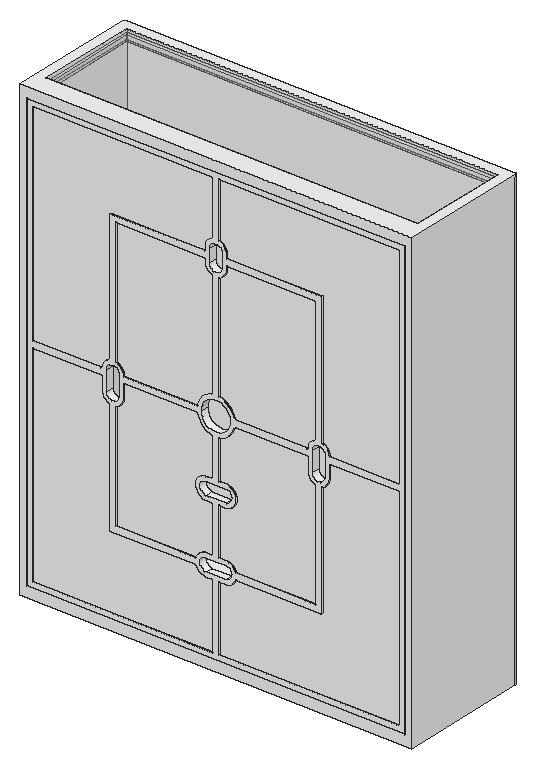
Revit family "STL22733BR_PTO_30", category Luminárias, Revit 2023
Family settings
  Hospedeiro = Parede
  Cota do conector redondo = Utilizar diâmetro
  Tipo de parte = Normal
  Número OmniClass = 23.80.70.00
  Título OmniClass = Lighting
  Sempre na vertical = Sim
  Corte com vazios quando carregada = Não
  Fonte luminosa = Sim
  Manter orientação da anotação = Não
  Compartilhado = Não
  Ponto de cálculo do ambiente = Não
Parameters (values of type "STH22733BR/30 - BRANCO - BIVOLT - 3000K - 260lm")
  Ângulo de inclinação = -90.00°
  Ângulo de Abertura = "90°"
  Wattage = 1.75035 W
  Vidro = Vidro
  URL = "https://stella.com.br/"
  Troca de temperatura da cor de lâmpada com esmaecimento = <Nenhum>
  Tensão Elétrica = "100V-240V"
  built-in parameter 1150107 = 3000 (stored number, unit not read)
  Temperatura da cor (K) = 3000 K
  Referência = "STH22733BR/30"
  Potência = 5 W
  built-in parameter 1150110 = 1 (stored number, unit not read)
  built-in parameter 1150109 = 1 (stored number, unit not read)
  built-in parameter 1114218 = 1 (stored number, unit not read)
  built-in parameter 1150112 = 1 (stored number, unit not read)
  built-in parameter 1150113 = 1 (stored number, unit not read)
  built-in parameter 1150132 = 2
  built-in parameter 1150137 = (empty or 0)
  Modelo = "Wall Plus"
  Luminoso = Luminoso - 3000K
  built-in parameter 1150106 = 2.0468 (stored number, unit not read)
  Largura = 0.04 m
  built-in parameter 1150102 = (empty or 0)
  built-in parameter 1150105 = 204.68 (stored number, unit not read)
  IRC (Índice de reprodução de cores) = ">80"
  Grau de proteção (IP) = "IP65"
  Fluxo Luminoso = 260 lm
  Color Filter = 16777215
  built-in parameter 1114217 = 1 (stored number, unit not read)
  built-in parameter 1150139 = (empty or 0)
  Fabricante = "Stella"
  Estrutura = Al - Branco
  Default Elevation = 0.00 m
  built-in parameter 1150104 = 13.8 (stored number, unit not read)
  Dimerização = "Não dimerizável"
  built-in parameter 1150115 = 1 (stored number, unit not read)
  built-in parameter 1150114 = 1 (stored number, unit not read)
  Lumens = 260 lm
  built-in parameter 1150138 = (empty or 0)
  built-in parameter 1150134 = (empty or 0)
  Comprimento = 0.12 m
  Arquivo de rede fotométrica = "STELLA - STL22733BR-30 - WALL PLUS - 1 FACHO ABERTO.ies"
  Altura = 0.14 m
  built-in parameter 1150133 = 10 (stored number, unit not read)
Types (3, lengths in m): name | Referência | Estrutura | Arquivo de rede fotométrica
  (no name) | "STH22733BR/30" | Al - Branco | "STELLA - STL22733BR-30 - WALL PLUS - 1 FACHO ABERTO.ies"
  STH22733BR/30 - BRANCO - BIVOLT - 3000K - 260lm | "STH22733BR/30" | Al - Branco | "STELLA - STL22733BR-30 - WALL PLUS - 1 FACHO ABERTO.ies"
  STH22733PTO/30 - PRETO - BIVOLT - 3000K - 260lm | "STH22733PTO/30" | Al - Preto | "STELLA - STL22733PTO-30 - WALL PLUS - 1 FACHO ABERTO.ies"
Reference planes (m)
  plane 1: y = 0
  plane 2 "Eixo de origem da luz (F/T)": y = 0.1132
  plane 3 "Plano de inclinação da fonte de luz": x = -0.036356
  plane 4 "Elevação da origem da luz": z = 1
  plane 5: x = 0.023644
  plane 6: x = -0.096356
  plane 7: y = 0.1432
  plane 8 "Superior": z = 1.07
  plane 9: z = 0.93
  plane 10 "Centro": z = 1
  plane 11: y = 0.1032
Forms (m)
  Extrusion 1, solid, material "Al - Branco" <- "Estrutura"
    sketch origin (0, 0, 1) x (0, 1, 0) y (-1, 0, 0)
      loop
        arc (0.1432, 0.095756) -> (0.143024, 0.09618) -> (0.1426, 0.096356) r 0.0006
        line (0.1426, 0.096356) -> (0.1032, 0.096356) -> (0.1032, -0.023644) -> (0.1426, -0.023644)
        arc (0.1426, -0.023644) -> (0.143024, -0.023469) -> (0.1432, -0.023044) r 0.0006
        line (0.1432, -0.023044) -> (0.1432, 0.095756)
      loop
        line (0.1414, 0.094356) -> (0.1055, 0.094356) -> (0.1055, -0.021644) -> (0.1414, -0.021644) -> (0.1414, 0.094356)
    from -0.07 to 0.07
  Extrusion 2, void
    sketch origin (-0.036356, -0.000539, 0) x (0, -1, 0) y (0, 0, 1)
      loop
        line (-0.109918, 0.943425) -> (-0.118046, 0.943425) -> (-0.117117, 0.942369) -> (-0.110846, 0.942369) -> (-0.109918, 0.943425)
      loop
        line (-0.110846, 0.941099) -> (-0.117117, 0.941099) -> (-0.117117, 0.940027) -> (-0.110846, 0.940027) -> (-0.110846, 0.941099)
      loop
        line (-0.109918, 0.9377) -> (-0.110846, 0.938756) -> (-0.117117, 0.938756) -> (-0.118046, 0.9377) -> (-0.109918, 0.9377)
    from 0.0594 to 0.06
  Extrusion 3, void
    sketch origin (0, 0.1132, 0) x (1, 0, 0) y (0, 0, 1)
      loop
        line (0.021644, 1.067) -> (-0.094356, 1.067) -> (-0.094356, 0.933) -> (0.021644, 0.933) -> (0.021644, 1.067)
    from 0.0077 to 0.01
  Extrusion 4, solid, material "Al - Branco" <- "Estrutura"
    sketch origin (0, 0.1132, 0) x (1, 0, 0) y (0, 0, 1)
      loop
        line (0.021544, 1.0669) -> (-0.094256, 1.0669) -> (-0.094256, 0.9331) -> (0.021544, 0.9331) -> (0.021544, 1.0669)
    from 0.0077 to 0.01
  Extrusion 5, void
    sketch origin (0, 0.1132, 0) x (1, 0, 0) y (0, 0, 1)
      loop
        line (-0.035456, 1.0653) -> (-0.035456, 1.048371)
        arc (-0.035456, 1.048371) -> (-0.033794, 1.047218) -> (-0.033156, 1.0453) r 0.0032
        line (-0.033156, 1.0453) -> (-0.033156, 1.0442) -> (-0.00396, 1.0442) -> (-0.00396, 1.004048)
        arc (-0.00396, 1.004048) -> (-0.002289, 1.00289) -> (-0.001647, 1.000962) r 0.003215
        line (-0.001647, 1.000962) -> (0.019744, 1.000962) -> (0.019744, 1.0653) -> (-0.035456, 1.0653)
      loop
        line (-0.037256, 1.0653) -> (-0.092456, 1.0653) -> (-0.092456, 1.000962) -> (-0.071065, 1.000962)
        arc (-0.071065, 1.000962) -> (-0.070422, 1.00289) -> (-0.068751, 1.004048) r 0.003215
        line (-0.068751, 1.004048) -> (-0.068751, 1.0442) -> (-0.039556, 1.0442) -> (-0.039556, 1.0453)
        arc (-0.039556, 1.0453) -> (-0.038917, 1.047218) -> (-0.037256, 1.048371) r 0.0032
        line (-0.037256, 1.048371) -> (-0.037256, 1.0653)
      loop
        line (0.019744, 0.9991) -> (-0.001656, 0.9991) -> (-0.001656, 0.995)
        arc (-0.001656, 0.995) -> (-0.002294, 0.993082) -> (-0.003956, 0.991929) r 0.0032
        line (-0.003956, 0.991929) -> (-0.003956, 0.9573) -> (-0.030285, 0.9573)
        arc (-0.030285, 0.9573) -> (-0.031437, 0.955639) -> (-0.033356, 0.955) r 0.0032
        line (-0.033356, 0.955) -> (-0.035456, 0.955) -> (-0.035456, 0.9349) -> (0.019744, 0.9349) -> (0.019744, 0.9991)
      loop
        line (-0.092456, 0.9991) -> (-0.092456, 0.9349) -> (-0.037256, 0.9349) -> (-0.037256, 0.955) -> (-0.039356, 0.955)
        arc (-0.039356, 0.955) -> (-0.041274, 0.955639) -> (-0.042426, 0.9573) r 0.0032
        line (-0.042426, 0.9573) -> (-0.068756, 0.9573) -> (-0.068756, 0.991929)
        arc (-0.068756, 0.991929) -> (-0.070417, 0.993082) -> (-0.071056, 0.995) r 0.0032
        line (-0.071056, 0.995) -> (-0.071056, 0.9991) -> (-0.092456, 0.9991)
      loop
        arc (-0.033156, 1.0413) -> (-0.033794, 1.039382) -> (-0.035456, 1.038229) r 0.0032
        line (-0.035456, 1.038229) -> (-0.035456, 1.005628)
        arc (-0.035456, 1.005628) -> (-0.032325, 1.004031) -> (-0.030727, 1.0009) r 0.0057
        line (-0.030727, 1.0009) -> (-0.008056, 1.001)
        arc (-0.008056, 1.001) -> (-0.007417, 1.002918) -> (-0.005756, 1.004071) r 0.0032
        line (-0.005756, 1.004071) -> (-0.005756, 1.0424) -> (-0.033156, 1.0424) -> (-0.033156, 1.0413)
      loop
        arc (-0.037256, 1.038229) -> (-0.038917, 1.039382) -> (-0.039556, 1.0413) r 0.0032
        line (-0.039556, 1.0413) -> (-0.039556, 1.0424) -> (-0.06696, 1.0424) -> (-0.06696, 1.004048)
        arc (-0.06696, 1.004048) -> (-0.065289, 1.00289) -> (-0.064647, 1.000962) r 0.003215
        line (-0.064647, 1.000962) -> (-0.041974, 1.000962)
        arc (-0.041974, 1.000962) -> (-0.040364, 1.004053) -> (-0.037256, 1.005628) r 0.0057
        line (-0.037256, 1.005628) -> (-0.037256, 1.038229)
      loop
        arc (-0.037256, 0.994372) -> (-0.040386, 0.995969) -> (-0.041984, 0.9991) r 0.0057
        line (-0.041984, 0.9991) -> (-0.064656, 0.9991) -> (-0.064656, 0.995)
        arc (-0.064656, 0.995) -> (-0.065294, 0.993082) -> (-0.066956, 0.991929) r 0.0032
        line (-0.066956, 0.991929) -> (-0.066956, 0.9591) -> (-0.042426, 0.9591)
        arc (-0.042426, 0.9591) -> (-0.041274, 0.960761) -> (-0.039356, 0.9614) r 0.0032
        line (-0.039356, 0.9614) -> (-0.037256, 0.9614) -> (-0.037256, 0.976) -> (-0.039356, 0.976)
        arc (-0.039356, 0.976) -> (-0.041618, 0.976937) -> (-0.042556, 0.9792) r 0.0032
        arc (-0.042556, 0.9792) -> (-0.041618, 0.981463) -> (-0.039356, 0.9824) r 0.0032
        line (-0.039356, 0.9824) -> (-0.037256, 0.9824) -> (-0.037256, 0.994372)
      loop
        line (-0.035456, 0.976) -> (-0.035456, 0.9614) -> (-0.033356, 0.9614)
        arc (-0.033356, 0.9614) -> (-0.031437, 0.960761) -> (-0.030285, 0.9591) r 0.0032
        line (-0.030285, 0.9591) -> (-0.005756, 0.9591) -> (-0.005756, 0.991929)
        arc (-0.005756, 0.991929) -> (-0.007417, 0.993082) -> (-0.008056, 0.995) r 0.0032
        line (-0.008056, 0.995) -> (-0.008056, 0.9991) -> (-0.030727, 0.9991)
        arc (-0.030727, 0.9991) -> (-0.032325, 0.995969) -> (-0.035456, 0.994372) r 0.0057
        line (-0.035456, 0.994372) -> (-0.035456, 0.9824) -> (-0.033356, 0.9824)
        arc (-0.033356, 0.9824) -> (-0.030156, 0.9792) -> (-0.033356, 0.976) r 0.0032
        line (-0.033356, 0.976) -> (-0.035456, 0.976)
    from 0.0098 to 0.01
  Extrusion 6, void
    sketch origin (0, 0.1132, 0) x (1, 0, 0) y (0, 0, 1)
      loop
        line (-0.038356, 1.0453) -> (-0.038356, 1.0413)
        arc (-0.038356, 1.0413) -> (-0.036356, 1.0393) -> (-0.034356, 1.0413) r 0.002
        line (-0.034356, 1.0413) -> (-0.034356, 1.0453)
        arc (-0.034356, 1.0453) -> (-0.036356, 1.0473) -> (-0.038356, 1.0453) r 0.002
      loop
        circle (-0.036356, 1) r 0.0045
      loop
        line (-0.033356, 0.9812) -> (-0.039356, 0.9812)
        arc (-0.039356, 0.9812) -> (-0.041356, 0.9792) -> (-0.039356, 0.9772) r 0.002
        line (-0.039356, 0.9772) -> (-0.033356, 0.9772)
        arc (-0.033356, 0.9772) -> (-0.031941, 0.977786) -> (-0.031356, 0.9792) r 0.002
        arc (-0.031356, 0.9792) -> (-0.031941, 0.980614) -> (-0.033356, 0.9812) r 0.002
      loop
        line (-0.065856, 0.995) -> (-0.065856, 1.001)
        arc (-0.065856, 1.001) -> (-0.067856, 1.003) -> (-0.069856, 1.001) r 0.002
        line (-0.069856, 1.001) -> (-0.069856, 0.995)
        arc (-0.069856, 0.995) -> (-0.067856, 0.993) -> (-0.065856, 0.995) r 0.002
      loop
        line (-0.002856, 0.995) -> (-0.002856, 1.001)
        arc (-0.002856, 1.001) -> (-0.004856, 1.003) -> (-0.006856, 1.001) r 0.002
        line (-0.006856, 1.001) -> (-0.006856, 0.995)
        arc (-0.006856, 0.995) -> (-0.004856, 0.993) -> (-0.002856, 0.995) r 0.002
      loop
        arc (-0.031356, 0.9582) -> (-0.031941, 0.959614) -> (-0.033356, 0.9602) r 0.002
        line (-0.033356, 0.9602) -> (-0.039356, 0.9602)
        arc (-0.039356, 0.9602) -> (-0.041356, 0.9582) -> (-0.039356, 0.9562) r 0.002
        line (-0.039356, 0.9562) -> (-0.033356, 0.9562)
        arc (-0.033356, 0.9562) -> (-0.031941, 0.956786) -> (-0.031356, 0.9582) r 0.002
    from 0.0077 to 0.01
  Extrusion 7, solid, material "Al - Branco" <- "Estrutura"
    sketch origin (0, 0, 1) x (0, 1, 0) y (-1, 0, 0)
      loop
        line (0.1055, -0.021644) -> (0.1414, -0.021644) -> (0.1414, 0.094356) -> (0.1055, 0.094356) -> (0.1055, -0.021644)
    from -0.07 to -0.067
  Extrusion 8, solid, material "Al - Branco" <- "Estrutura"
    sketch origin (-0.036356, 0, 0) x (0, -1, 0) y (0, 0, 1)
      loop
        line (-0.117517, 1.02) -> (-0.135702, 1.02) -> (-0.13565, 1.019) -> (-0.11765, 1.019) -> (-0.117517, 1.02)
    from -0.0574 to 0.0574
  Extrusion 9, void
    sketch origin (0, 0.1132, 0) x (1, 0, 0) y (0, 0, 1)
      loop
        line (-0.046327, 1.019) -> (-0.090256, 1.064938) -> (-0.090256, 1.06303) -> (-0.092256, 1.06303) -> (-0.093756, 1.06453) -> (-0.093756, 1.06603) -> (-0.092256, 1.06603) -> (-0.092256, 1.07278) -> (-0.100468, 1.07278) -> (-0.100468, 1.013574) -> (0.027756, 1.013574) -> (0.027756, 1.07278) -> (0.019544, 1.07278) -> (0.019544, 1.06603) -> (0.021044, 1.06603) -> (0.021044, 1.06453) -> (0.019544, 1.06303) -> (0.017544, 1.06303) -> (0.017544, 1.064938) -> (-0.026384, 1.019) -> (-0.046327, 1.019)
    from -0.03 to 0.01
  Extrusion 10, solid, material "Al - Branco" <- "Estrutura"
    sketch origin (0, 0.001625, 1) x (0, 1, 0) y (-1, 0, 0)
      loop
        line (0.134525, 0.044856) -> (0.117525, 0.044856) -> (0.117525, 0.027856) -> (0.134525, 0.027856) -> (0.134525, 0.044856)
      loop
        line (0.118925, 0.043456) -> (0.118925, 0.029256) -> (0.133125, 0.029256) -> (0.133125, 0.043456) -> (0.118925, 0.043456)
    from 0.0173 to 0.019
  Extrusion 11, solid, material "Al - Branco" <- "Estrutura"
    sketch origin (-0.036356, 0, 0) x (0, -1, 0) y (0, 0, 1)
      loop
        line (-0.12055, 1.0183) -> (-0.13475, 1.0183) -> (-0.13475, 1.0173) -> (-0.12055, 1.0173) -> (-0.12055, 1.0183)
    from -0.0071 to 0.0071
  Extrusion 12, solid, material "Luminoso - 3000K" <- "Luminoso"
    sketch origin (0, 0, 1) x (0, 1, 0) y (-1, 0, 0)
      loop
        line (0.13315, 0.038106) -> (0.12965, 0.038106) -> (0.12965, 0.034606) -> (0.13315, 0.034606) -> (0.13315, 0.038106)
      loop
        line (0.12945, 0.038106) -> (0.12595, 0.038106) -> (0.12595, 0.034606) -> (0.12945, 0.034606) -> (0.12945, 0.038106)
      loop
        line (0.12575, 0.038106) -> (0.12225, 0.038106) -> (0.12225, 0.034606) -> (0.12575, 0.034606) -> (0.12575, 0.038106)
    from 0.0183 to 0.01909
  Extrusion 13, void
    sketch origin (0, 0.1132, 0) x (1, 0, 0) y (0, 0, 1)
      loop
        line (-0.032356, 1.0195) -> (-0.031649, 1.020207) -> (-0.041063, 1.020207) -> (-0.040356, 1.0195) -> (-0.040356, 1.018634) -> (-0.032356, 1.018634) -> (-0.032356, 1.0195)
    from -0.021032 to -0.0077
  Extrusion 14, solid, material "Al - Branco" <- "Estrutura"
    sketch origin (-0.036356, 0, 0) x (0, -1, 0) y (0, 0, 1)
      loop
        line (-0.1055, 1.069) -> (-0.1055, 1.07) -> (-0.1414, 1.07) -> (-0.1414, 1.069) -> (-0.1055, 1.069)
    from -0.058 to 0.058
  Extrusion 15, void
    sketch origin (0, 0, 1) x (0, 1, 0) y (-1, 0, 0)
      loop
        line (0.1402, 0.093356) -> (0.1092, 0.093356) -> (0.1092, -0.020644) -> (0.1402, -0.020644) -> (0.1402, 0.093356)
    from 0.069 to 0.07
  Extrusion 16, solid, material "Vidro" <- "Vidro"
    sketch origin (0, 0, 1) x (0, 1, 0) y (-1, 0, 0)
      loop
        line (0.1092, 0.093356) -> (0.1092, -0.020644) -> (0.1402, -0.020644) -> (0.1402, 0.093356) -> (0.1092, 0.093356)
    from 0.069 to 0.07
  Sweep 17, solid, material "Vidro" <- "Vidro"
    path origin (0, 0, 1) x (0, 1, 0) y (-1, 0, 0)
      loop
        line (0.1402, 0.093356) -> (0.1092, 0.093356) -> (0.1092, -0.020644) -> (0.1402, -0.020644) -> (0.1402, 0.093356)
    profile origin (0.020644, 0.1247, 1) x (1, 0, 0) y (0, 0, 1)
      loop
        line (0, 0.067) -> (0, 0.069) -> (-0.001, 0.069) -> (-0.001, 0.067) -> (0, 0.067)
Cuts and joins
  Extrusion 2, Extrusion 3, Extrusion 13 cuts Extrusion 1
  Extrusion 9 cuts Extrusion 7
  Extrusion 15 cuts Extrusion 14
  joined: Extrusion 1, Extrusion 7, Extrusion 14
  Extrusion 5, Extrusion 6, Extrusion 13 cuts Extrusion 4
  Extrusion 9, Extrusion 13 cuts Extrusion 8
  Extrusion 13 cuts Extrusion 11
  joined: Extrusion 16, Sweep 17
Text (m)
  text "Lado da colocação" at (0, 1.019848, 2.864603), in view "Direita"
  text "Lado da colocação" at (-0.592662, 0.673012, 0), in view "Nível de referência"
  text "Lado da colocação" at (0, 1.206291, 3.371227), in view "Esquerda"
  text "90 graus" at (-0.2286, 1.737863, 1.819117), in view "Esquerda"
  text "Inclinação da luz de 0 graus" at (-0.2286, 0.870797, 0.30306), in view "Esquerda"
  text "180 graus" at (-0.2286, 0.532154, 2.651909), in view "Esquerda"
Dimensions and locks (m)
  "Comprimento": plane 6 to plane 5
  "Altura": plane 9 to plane 8 "Superior"
  "Largura": plane 7 to plane 11
  aligned and locked: Extrusion 1 to plane 9
  aligned and locked: plane 8 "Superior" to Extrusion 1
Automatic sketch dimensions
  Extrusion 1 sketch curve to host wall = 0.00 m
  plane 6 to Extrusion 1 sketch curve = 0.00 m
  plane 5 to Extrusion 1 sketch curve = 0.00 m
  Extrusion 1 sketch curve to plane 7 = 0.00 m
  host wall to Extrusion 1 sketch curve = 0.0023 m
  Extrusion 1 sketch curve to plane 7 = 0.0018 m
  Extrusion 1 sketch curve to plane 7 = 0.0006 m
  Extrusion 1 sketch curve to Extrusion 1 sketch curve = 0.0006 m
  Extrusion 1 sketch curve to Extrusion 1 sketch curve = 0.0014 m
  plane 6 to Extrusion 1 sketch curve = 0.002 m
  Extrusion 2 sketch curve to plane 2 "Eixo de origem da luz (F/T)" = 0.004307 m  (x2)
  Extrusion 2 sketch curve to Extrusion 2 sketch curve = 0.000928 m  (x4)
  Extrusion 2 sketch curve to Extrusion 2 sketch curve = 0.00 m  (x3)
  plane 2 "Eixo de origem da luz (F/T)" to Extrusion 2 sketch curve = 0.002893 m
  plane 9 to Extrusion 2 sketch curve = 0.0077 m
  Extrusion 2 sketch curve to Extrusion 2 sketch curve = 0.001056 m  (x2)
  Extrusion 2 sketch curve to Extrusion 2 sketch curve = 0.00127 m  (x2)
  Extrusion 2 sketch curve to Extrusion 2 sketch curve = 0.001072 m
  plane 6 to Extrusion 3 sketch curve = 0.002 m
  Extrusion 3 sketch curve to plane 5 = 0.002 m
  plane 9 to Extrusion 3 sketch curve = 0.003 m
  Extrusion 3 sketch curve to plane 8 "Superior" = 0.003 m
  plane 6 to Extrusion 4 sketch curve = 0.0021 m
  Extrusion 4 sketch curve to plane 5 = 0.0021 m
  plane 9 to Extrusion 4 sketch curve = 0.0031 m
  Extrusion 4 sketch curve to plane 8 "Superior" = 0.0031 m
  host wall to Extrusion 7 sketch curve = 0.0023 m
  Extrusion 7 sketch curve to plane 7 = 0.0018 m
  Extrusion 7 sketch curve to plane 5 = 0.002 m
  plane 6 to Extrusion 7 sketch curve = 0.002 m
  Extrusion 9 sketch curve to plane 6 = 0.004112 m
  plane 6 to Extrusion 9 sketch curve = 0.0026 m
  Extrusion 9 sketch curve to Extrusion 9 sketch curve = 0.0015 m  (x7)
  Extrusion 9 sketch curve to Extrusion 9 sketch curve = 0.002 m  (x3)
  plane 3 "Plano de inclinação da fonte de luz" to Extrusion 9 sketch curve = 0.009971 m
  Extrusion 9 sketch curve to plane 3 "Plano de inclinação da fonte de luz" = 0.009971 m
  Extrusion 9 sketch curve to plane 5 = 0.0061 m
  plane 5 to Extrusion 9 sketch curve = 0.004112 m
  Extrusion 9 sketch curve to plane 4 "Elevação da origem da luz" = 0.013574 m
  Extrusion 9 sketch curve to plane 4 "Elevação da origem da luz" = 0.019 m
  Extrusion 9 sketch curve to plane 8 "Superior" = 0.00697 m  (x2)
  Extrusion 9 sketch curve to Extrusion 9 sketch curve = 0.001908 m  (x2)
  plane 8 "Superior" to Extrusion 9 sketch curve = 0.00278 m  (x2)
  Extrusion 10 sketch curve to plane 2 "Eixo de origem da luz (F/T)" = 0.00595 m
  Extrusion 10 sketch curve to Extrusion 10 sketch curve = 0.0014 m  (x4)
  Extrusion 10 sketch curve to plane 7 = 0.00845 m
  Extrusion 10 sketch curve to plane 3 "Plano de inclinação da fonte de luz" = 0.0085 m
  plane 3 "Plano de inclinação da fonte de luz" to Extrusion 10 sketch curve = 0.0071 m
  Extrusion 11 sketch curve to plane 7 = 0.00845 m
  Extrusion 11 sketch curve to plane 2 "Eixo de origem da luz (F/T)" = 0.00735 m
  Extrusion 11 sketch curve to plane 4 "Elevação da origem da luz" = 0.0173 m
  Extrusion 11 sketch curve to Extrusion 11 sketch curve = 0.001 m
  plane 3 "Plano de inclinação da fonte de luz" to Extrusion 12 sketch curve = 0.00175 m  (x2)
  Extrusion 12 sketch curve to plane 2 "Eixo de origem da luz (F/T)" = 0.00905 m
  Extrusion 12 sketch curve to Extrusion 12 sketch curve = 0.0035 m  (x3)
  Extrusion 12 sketch curve to Extrusion 12 sketch curve = 0.0002 m  (x2)
  Extrusion 12 sketch curve to plane 3 "Plano de inclinação da fonte de luz" = 0.00175 m  (x2)
  Extrusion 12 sketch curve to Extrusion 12 sketch curve = 0.00 m  (x2)
  plane 3 "Plano de inclinação da fonte de luz" to Extrusion 13 sketch curve = 0.004707 m
  Extrusion 13 sketch curve to Extrusion 13 sketch curve = 0.000707 m  (x3)
  Extrusion 13 sketch curve to plane 3 "Plano de inclinação da fonte de luz" = 0.004 m
  Extrusion 13 sketch curve to plane 4 "Elevação da origem da luz" = 0.0195 m
  Extrusion 13 sketch curve to Extrusion 13 sketch curve = 0.00 m
  Extrusion 13 sketch curve to Extrusion 13 sketch curve = 0.000866 m
  plane 8 "Superior" to Extrusion 14 sketch curve = 0.00 m
  Extrusion 14 sketch curve to plane 8 "Superior" = 0.001 m
  Extrusion 14 sketch curve to plane 7 = 0.0018 m
  plane 2 "Eixo de origem da luz (F/T)" to Extrusion 14 sketch curve = 0.0077 m
  plane 6 to Extrusion 15 sketch curve = 0.003 m
  Extrusion 15 sketch curve to plane 7 = 0.034 m
  Extrusion 15 sketch curve to Extrusion 15 sketch curve = 0.031 m
  Extrusion 15 sketch curve to plane 5 = 0.003 m
  Extrusion 16 sketch curve to plane 7 = 0.003 m
  plane 6 to Extrusion 16 sketch curve = 0.003 m
  plane 2 "Eixo de origem da luz (F/T)" to Extrusion 16 sketch curve = 0.004 m
  Extrusion 16 sketch curve to plane 5 = 0.003 m
  Extrusion 8 sketch curve to plane 2 "Eixo de origem da luz (F/T)" = 0.00445 m
  Extrusion 8 sketch curve to plane 4 "Elevação da origem da luz" = 0.019 m
  Extrusion 8 sketch curve to Extrusion 8 sketch curve = 0.000052 m
  Extrusion 8 sketch curve to plane 2 "Eixo de origem da luz (F/T)" = 0.004317 m
  Extrusion 8 sketch curve to Extrusion 8 sketch curve = 0.001 m
  Extrusion 8 sketch curve to plane 7 = 0.00755 m
  Extrusion 5 sketch curve to Extrusion 5 sketch curve = 0.00 m  (x35)
  plane 3 "Plano de inclinação da fonte de luz" to Extrusion 5 sketch curve = 0.00 m  (x3)
  Extrusion 5 sketch curve to plane 4 "Elevação da origem da luz" = 0.00 m
  plane 3 "Plano de inclinação da fonte de luz" to Extrusion 5 sketch curve = 0.0009 m  (x5)
  plane 3 "Plano de inclinação da fonte de luz" to Extrusion 5 sketch curve = 0.003 m  (x2)
  Extrusion 5 sketch curve to Extrusion 5 sketch curve = 0.0032 m  (x5)
  Extrusion 5 sketch curve to plane 4 "Elevação da origem da luz" = 0.000962 m  (x3)
  plane 3 "Plano de inclinação da fonte de luz" to Extrusion 5 sketch curve = 0.005618 m
  plane 4 "Elevação da origem da luz" to Extrusion 5 sketch curve = 0.0009 m  (x4)
  Extrusion 5 sketch curve to Extrusion 5 sketch curve = 0.00001 m
  Extrusion 5 sketch curve to Extrusion 5 sketch curve = 0.003071 m  (x2)
  Extrusion 5 sketch curve to Extrusion 5 sketch curve = 0.022673 m
  Extrusion 5 sketch curve to Extrusion 5 sketch curve = 0.000009 m  (x3)
  Extrusion 5 sketch curve to Extrusion 5 sketch curve = 0.024529 m
  Extrusion 5 sketch curve to Extrusion 5 sketch curve = 0.027404 m
  Extrusion 5 sketch curve to Extrusion 5 sketch curve = 0.003203 m
  Extrusion 5 sketch curve to Extrusion 5 sketch curve = 0.000012 m
  Extrusion 5 sketch curve to Extrusion 5 sketch curve = 0.001791 m
  Extrusion 5 sketch curve to Extrusion 5 sketch curve = 0.0018 m  (x6)
  Extrusion 5 sketch curve to Extrusion 5 sketch curve = 0.003194 m  (x2)
  plane 6 to Extrusion 5 sketch curve = 0.0039 m  (x2)
  Extrusion 5 sketch curve to plane 3 "Plano de inclinação da fonte de luz" = 0.0009 m  (x5)
  Extrusion 5 sketch curve to plane 3 "Plano de inclinação da fonte de luz" = 0.003 m  (x2)
  Extrusion 5 sketch curve to plane 3 "Plano de inclinação da fonte de luz" = 0.0032 m
  Extrusion 5 sketch curve to plane 4 "Elevação da origem da luz" = 0.0009 m
  Extrusion 5 sketch curve to plane 3 "Plano de inclinação da fonte de luz" = 0.005628 m
  Extrusion 5 sketch curve to Extrusion 5 sketch curve = 0.022672 m
  Extrusion 5 sketch curve to plane 4 "Elevação da origem da luz" = 0.001 m
  Extrusion 5 sketch curve to Extrusion 5 sketch curve = 0.0023 m  (x4)
  Extrusion 5 sketch curve to Extrusion 5 sketch curve = 0.000006 m
  Extrusion 5 sketch curve to Extrusion 5 sketch curve = 0.001796 m
  Extrusion 5 sketch curve to Extrusion 5 sketch curve = 0.003206 m
  Extrusion 5 sketch curve to plane 5 = 0.0039 m
  Extrusion 5 sketch curve to Extrusion 5 sketch curve = 0.007171 m  (x2)
  Extrusion 5 sketch curve to Extrusion 5 sketch curve = 0.011972 m
  Extrusion 5 sketch curve to Extrusion 5 sketch curve = 0.0146 m
  plane 9 to Extrusion 5 sketch curve = 0.0049 m  (x2)
  Extrusion 5 sketch curve to plane 8 "Superior" = 0.031771 m
  Extrusion 5 sketch curve to Extrusion 5 sketch curve = 0.0011 m  (x3)
  Extrusion 5 sketch curve to plane 8 "Superior" = 0.0047 m  (x2)
  Extrusion 6 sketch curve to Extrusion 6 sketch curve = 0.00 m  (x6)
  Extrusion 6 sketch curve to plane 4 "Elevação da origem da luz" = 0.00 m
  plane 3 "Plano de inclinação da fonte de luz" to Extrusion 6 sketch curve = 0.00 m  (x2)
  Extrusion 6 sketch curve to Extrusion 6 sketch curve = 0.002 m  (x5)
  plane 3 "Plano de inclinação da fonte de luz" to Extrusion 6 sketch curve = 0.003 m  (x2)
  plane 4 "Elevação da origem da luz" to Extrusion 6 sketch curve = 0.005 m  (x2)
  plane 3 "Plano de inclinação da fonte de luz" to Extrusion 6 sketch curve = 0.0295 m
  Extrusion 6 sketch curve to plane 3 "Plano de inclinação da fonte de luz" = 0.003 m  (x2)
  Extrusion 6 sketch curve to plane 3 "Plano de inclinação da fonte de luz" = 0.0295 m
  plane 4 "Elevação da origem da luz" to Extrusion 6 sketch curve = 0.0188 m
  Extrusion 6 sketch curve to Extrusion 6 sketch curve = 0.017 m
  Extrusion 6 sketch curve to plane 4 "Elevação da origem da luz" = 0.001 m  (x2)
  Extrusion 6 sketch curve to plane 8 "Superior" = 0.0287 m
  Extrusion 6 sketch curve to Extrusion 6 sketch curve = 0.004 m
  Extrusion 6 sketch curve to Extrusion 6 sketch curve = 0.0045 m
  plane 2 "Eixo de origem da luz (F/T)" to Sweep 17 sketch curve = 0.004 m
  Sweep 17 sketch curve to plane 7 = 0.003 m
  Sweep 17 sketch curve to plane 5 = 0.003 m
  plane 6 to Sweep 17 sketch curve = 0.003 m
  profile plane to Sweep 17 sketch curve = 0.001 m
  Sweep 17 sketch curve to Sweep 17 sketch curve = 0.001 m
  Sweep 17 sketch curve to plane 4 "Elevação da origem da luz" = 0.067 m
  Sweep 17 sketch curve to Sweep 17 sketch curve = 0.002 m
Connectors (m)
  electrical at (-0.036356, 0.1132, 1)
    settings: index 1, voltage 0 V, apparent load 0 VA, apparent load phase1 0 VA, apparent load phase2 0 VA, apparent load phase3 0 VA, power factor 1, load classification "Outro", number of poles 1, system type 31, power factor state 1, is connector primary yes, connector utility no, sub classification motor no, connector description ""
